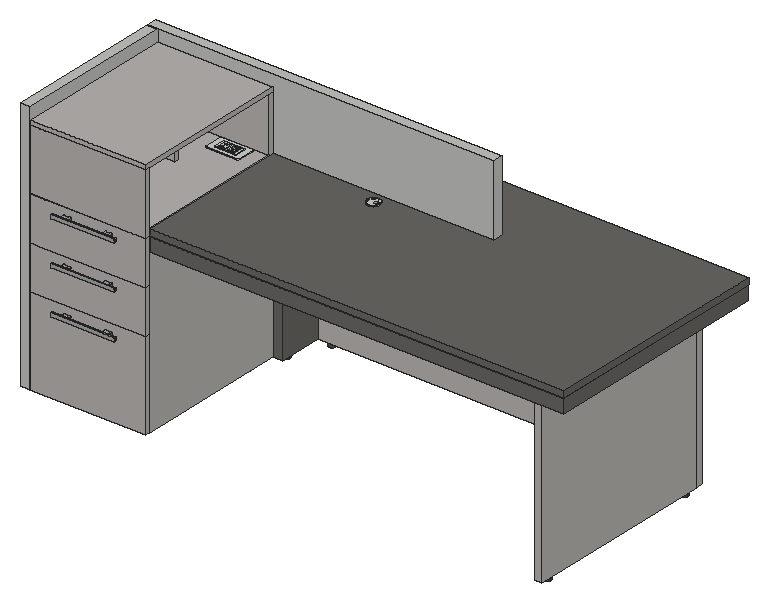
Revit family "Table-Teknion-CWRC_Reception_Classic_Desk-R2016", category Furniture, Revit 2018 (continued)
Dimensions and locks (in)
  aligned and locked: cut or joined group of Sweep 4, Sweep 8 to curve 62  (x2)
  aligned and locked: curve 63 to Sweep 39
  aligned and locked: curve 64 to Sweep 39
  aligned and locked: curve 65 to Sweep 39
  aligned and locked: curve 66 to Sweep 39
  aligned and locked: curve 67 to Sweep 39
  aligned and locked: curve 68 to Sweep 39
  aligned and locked: curve 69 to Sweep 39
  aligned and locked: curve 70 to Sweep 39
  aligned and locked: curve 71 to Sweep 39
  aligned and locked: curve 72 to Sweep 39
  aligned and locked: curve 73 to Sweep 39
  aligned and locked: curve 74 to Sweep 39
  aligned and locked: curve 75 to Sweep 39
  aligned and locked: curve 76 to Sweep 39
  aligned and locked: curve 77 to Sweep 39
  aligned and locked: curve 78 to Sweep 39
  aligned and locked: curve 79 to Sweep 39
  aligned and locked: curve 80 to Sweep 39
  aligned and locked: curve 81 to Sweep 39
  aligned and locked: curve 82 to Sweep 39
  aligned and locked: curve 83 to Sweep 39
  aligned and locked: curve 84 to Sweep 39
  aligned and locked: curve 85 to Sweep 39
  aligned and locked: curve 86 to Sweep 39
  aligned and locked: curve 87 to Sweep 39
  aligned and locked: curve 88 to Sweep 39
  aligned and locked: curve 89 to Sweep 39
  aligned and locked: curve 90 to Sweep 39
  aligned and locked: curve 91 to Sweep 40
  aligned and locked: curve 92 to Sweep 40
  aligned and locked: curve 93 to Sweep 40
  aligned and locked: curve 94 to Sweep 40
  aligned and locked: curve 95 to Sweep 40
  aligned and locked: curve 96 to Sweep 40
  aligned and locked: curve 97 to Sweep 40
  aligned and locked: curve 98 to Sweep 40
  aligned and locked: curve 99 to Sweep 40
  aligned and locked: curve 100 to Sweep 40
  aligned and locked: curve 101 to Sweep 40
  aligned and locked: curve 102 to Sweep 40
  aligned and locked: curve 103 to Sweep 40
  aligned and locked: curve 104 to Sweep 40
  aligned and locked: curve 105 to Sweep 40
  aligned and locked: curve 106 to Sweep 40
  aligned and locked: curve 107 to Sweep 40
  aligned and locked: curve 108 to Sweep 40
  aligned and locked: curve 109 to Sweep 40
  aligned and locked: curve 110 to Sweep 40
  aligned and locked: curve 111 to Sweep 40
  aligned and locked: curve 112 to Sweep 40
  aligned and locked: curve 113 to Sweep 40
  aligned and locked: curve 114 to Sweep 40
  aligned and locked: curve 115 to Sweep 40
  aligned and locked: curve 116 to Sweep 40
  aligned and locked: curve 117 to Sweep 40
  aligned and locked: curve 118 to Sweep 40
  aligned and locked: plane 14 to Sweep 51 sketch curve
  aligned and locked: plane 15 to Sweep 51 sketch curve
  aligned and locked: plane 16 to Sweep 51 sketch curve
  aligned and locked: plane 14 to Sweep 52 sketch curve
  aligned and locked: plane 15 to Sweep 52 sketch curve
  aligned and locked: plane 17 to Sweep 52 sketch curve
  aligned and locked: plane 3 "Center Left/Right" to Sweep 53 sketch curve
  aligned and locked: plane 14 to Sweep 53 sketch curve
  aligned and locked: plane 3 "Center Left/Right" to Sweep 54 sketch curve
  aligned and locked: plane 3 "Center Left/Right" to Sweep 55 sketch curve
  aligned and locked: Sweep 56 sketch curve to plane 3 "Center Left/Right"
  aligned and locked: plane 14 to Sweep 56 sketch curve
  aligned and locked: Sweep 57 sketch curve to plane 3 "Center Left/Right"
  aligned and locked: plane 3 "Center Left/Right" to Sweep 58 sketch curve
  aligned and locked: curve 120 to Sweep 53
  aligned and locked: curve 122 to Sweep 53
  aligned and locked: curve 124 to Sweep 53
  aligned and locked: curve 126 to Sweep 53
  aligned and locked: curve 127 to Sweep 54
  aligned and locked: curve 128 to Sweep 54
  aligned and locked: curve 129 to Sweep 54
  aligned and locked: curve 130 to Sweep 54
  aligned and locked: curve 131 to Sweep 55
  aligned and locked: curve 132 to Sweep 55
  aligned and locked: curve 133 to Sweep 55
  aligned and locked: curve 134 to Sweep 55
  aligned and locked: curve 135 to Sweep 55
  aligned and locked: curve 136 to Sweep 55
  aligned and locked: curve 137 to Sweep 55
  aligned and locked: curve 138 to Sweep 55
  aligned and locked: curve 139 to Sweep 55
  aligned and locked: curve 140 to Sweep 55
  aligned and locked: curve 141 to Sweep 55
  aligned and locked: curve 142 to Sweep 55
  aligned and locked: curve 143 to Sweep 55
  aligned and locked: curve 144 to Sweep 55
  aligned and locked: curve 145 to Sweep 55
  aligned and locked: curve 146 to Sweep 55
  aligned and locked: curve 147 to Sweep 55
  aligned and locked: curve 148 to Sweep 55
  aligned and locked: curve 149 to Sweep 55
  aligned and locked: curve 150 to Sweep 55
  aligned and locked: curve 151 to Sweep 55
  aligned and locked: curve 152 to Sweep 55
  aligned and locked: curve 153 to Sweep 55
  aligned and locked: curve 154 to Sweep 55
  aligned and locked: curve 155 to Sweep 55
  aligned and locked: curve 156 to Sweep 55
  aligned and locked: curve 157 to Sweep 55
  aligned and locked: curve 159 to cut or joined group of Sweep 9, Sweep 51
  aligned and locked: curve 160 to cut or joined group of Sweep 9, Sweep 51
  aligned and locked: curve 161 to cut or joined group of Sweep 10, Sweep 52
  aligned and locked: curve 162 to cut or joined group of Sweep 10, Sweep 52
  aligned and locked: curve 164 to Sweep 56
  aligned and locked: curve 166 to Sweep 56
  aligned and locked: curve 168 to Sweep 56
  aligned and locked: curve 170 to Sweep 56
  aligned and locked: curve 171 to Sweep 57
  aligned and locked: curve 172 to Sweep 57
  aligned and locked: curve 173 to Sweep 57
  aligned and locked: curve 174 to Sweep 57
  aligned and locked: curve 175 to Sweep 58
  aligned and locked: curve 176 to Sweep 58
  aligned and locked: curve 177 to Sweep 58
  aligned and locked: curve 178 to Sweep 58
  aligned and locked: curve 179 to Sweep 58
  aligned and locked: curve 180 to Sweep 58
  aligned and locked: curve 181 to Sweep 58
  aligned and locked: curve 182 to Sweep 58
  aligned and locked: curve 183 to Sweep 58
  aligned and locked: curve 184 to Sweep 58
  aligned and locked: curve 185 to Sweep 58
  aligned and locked: curve 186 to Sweep 58
  aligned and locked: curve 187 to Sweep 58
  aligned and locked: curve 188 to Sweep 58
  aligned and locked: curve 189 to Sweep 58
  aligned and locked: curve 190 to Sweep 58
  aligned and locked: curve 191 to Sweep 58
  aligned and locked: curve 192 to Sweep 58
  aligned and locked: curve 193 to Sweep 58
  aligned and locked: curve 194 to Sweep 58
  aligned and locked: curve 195 to Sweep 58
  aligned and locked: curve 196 to Sweep 58
  aligned and locked: curve 197 to Sweep 58
  aligned and locked: curve 198 to Sweep 58
  aligned and locked: curve 201 to Sweep 58
  aligned and locked: curve 202 to Sweep 58
  aligned and locked: curve 200 to Sweep 58
  aligned and locked: plane 3 "Center Left/Right" to Sweep 59 sketch curve
  aligned and locked: plane 14 to Sweep 59 sketch curve
  aligned and locked: curve 203 to Sweep 59
  aligned and locked: curve 204 to Sweep 59
  aligned and locked: curve 205 to Sweep 59
  aligned and locked: curve 206 to Sweep 59
  aligned and locked: plane 3 "Center Left/Right" to Sweep 60 sketch curve
  aligned and locked: plane 14 to Sweep 60 sketch curve
  aligned and locked: curve 207 to Sweep 60
  aligned and locked: curve 208 to Sweep 60
  aligned and locked: curve 209 to Sweep 60
  aligned and locked: curve 210 to Sweep 60
  aligned and locked: Sweep 61 sketch curve to plane 3 "Center Left/Right"
  aligned and locked: plane 14 to Sweep 61 sketch curve
  aligned and locked: curve 211 to Sweep 61
  aligned and locked: curve 212 to Sweep 61
  aligned and locked: curve 213 to Sweep 61
  aligned and locked: curve 214 to Sweep 61
  aligned and locked: plane 3 "Center Left/Right" to Sweep 62 sketch curve
  aligned and locked: plane 14 to Sweep 62 sketch curve
  aligned and locked: curve 215 to Sweep 62
  aligned and locked: curve 216 to Sweep 62
  aligned and locked: curve 217 to Sweep 62
  aligned and locked: curve 218 to Sweep 62
  aligned and locked: curve 219 to plane 5 "Right"
  aligned and locked: curve 220 to plane 4 "Left"
  aligned and locked: curve 221 to Sweep 42
  aligned and locked: curve 222 to Sweep 15
  aligned and locked: curve 223 to Sweep 41
  aligned and locked: curve 224 to Sweep 16
Automatic sketch dimensions
  Sweep 11 sketch curve to Sweep 11 sketch curve = 0.11854"
  Sweep 16 sketch curve to Sweep 16 sketch curve = 1.03937"
  Sweep 55 sketch curve to Sweep 55 sketch curve = 0.14279"
  Sweep 59 sketch curve to Sweep 59 sketch curve = 0.57027"
  Sweep 59 sketch curve to Sweep 59 sketch curve = 0.39482"
  Sweep 60 sketch curve to Sweep 60 sketch curve = 0.57027"
  Sweep 60 sketch curve to Sweep 60 sketch curve = 0.39482"
  Sweep 62 sketch curve to Sweep 62 sketch curve = 0.82696"
  Sweep 62 sketch curve to Sweep 62 sketch curve = 0.08432"
  curve 159 to curve 203 = 0"  (x2)
  curve 161 to curve 207 = 0"  (x2)
  plane 16 to curve 204 = 0.39482"
  curve 204 to curve 159 = 0.04672"
  curve 210 to plane 17 = 0.39482"
  curve 200 to curve 200 = 0.11829"
  curve 21 to curve 23 = 0.72441"
  curve 42 to curve 21 = 0"
  curve 24 to curve 61 = 0"
  curve 203 to curve 160 = 0.04672"
  curve 203 to curve 206 = 0.01876"
  curve 26 to curve 62 = 0"
  curve 25 to curve 22 = 0.72441"
  curve 39 to curve 22 = 0"
  curve 24 to curve 61 = 0.72441"
  curve 26 to curve 25 = 0.72441"
  curve 24 to curve 23 = 0.72441"
  curve 20 to curve 62 = 0"
  curve 61 to curve 19 = 0"
  curve 62 to curve 27 = 0"
  curve 28 to curve 61 = 0"
  curve 208 to curve 208 = 0.57027"
  curve 210 to curve 207 = 0"
  curve 208 to curve 209 = 0.23622"
  plane 7 "Front" to curve 219 = 0"
  curve 219 to plane 6 "Back" = 0"
  plane 7 "Front" to curve 220 = 0"
  curve 220 to plane 6 "Back" = 0"
  curve 221 to curve 58 = 0"
  curve 221 to curve 57 = 0"
  curve 223 to curve 60 = 0"
  curve 223 to curve 59 = 0"
  radius of Sweep 39 sketch curve = 0.5"  (x14)
  radius of Sweep 40 sketch curve = 0.5"  (x14)
  radius of Sweep 51 sketch curve = 1.01181"
  radius of Sweep 52 sketch curve = 1.01181"
  radius of Sweep 61 sketch curve = 0.91127"
  radius of Sweep 61 sketch curve = 0.82696"
Types (5): name | Right | RF | RB | Model | Left | LF | LB | Description
  (no name) | no | no | no | "CWRC36_____LB" | yes | no | yes | "Teknion Reception, Classic Desk, 36\" Depth, Left, Box/Box/File Storage"
  Left, Box/Box/File Storage | no | no | no | "CWRC36_____LB" | yes | no | yes | "Teknion Reception, Classic Desk, 36\" Depth, Left, Box/Box/File Storage"
  Left, File/File Storage | no | no | no | "CWRC36_____LF" | yes | yes | no | "Teknion Reception, Classic Desk, 36\" Depth, Left, File/File Storage"
  Right, Box/Box/File Storage | yes | no | yes | "CWRC36_____RB" | no | no | no | "Teknion Reception, Classic Desk, 36\" Depth, Right, Box/Box/File Storage"
  Right, File/File Storage | yes | yes | no | "CWRC36_____RF" | no | no | no | "Teknion Reception, Classic Desk, 36\" Depth, Right, File/File Storage"
